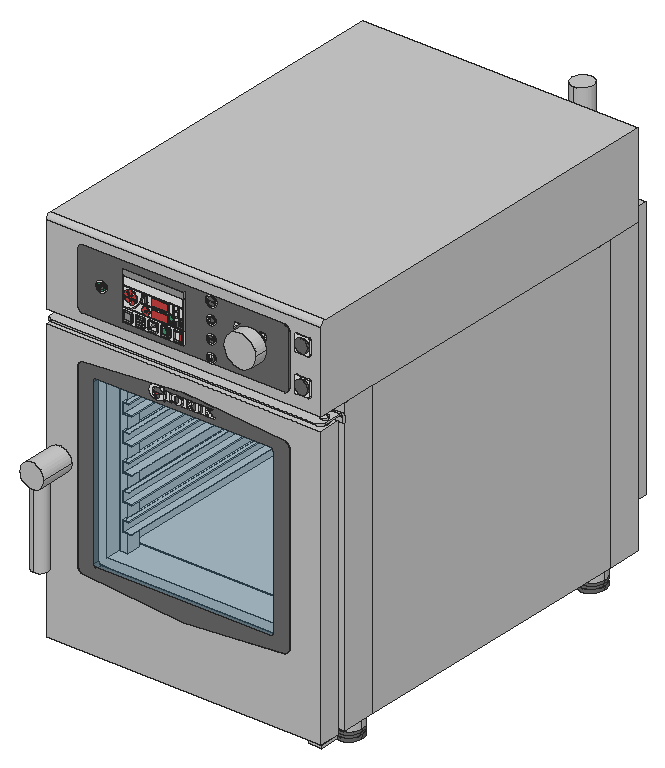
Revit family "QF_GIORIK_KH061_KT061_KP061_KH061W_KT061W_KP061W", category Specialty Equipment, Revit 2014 (continued)
Automatic sketch dimensions
  plane 8 "Front oven" to Extrusion 5 sketch curve = 30 mm  (x2)
  Extrusion 5 sketch curve to Extrusion 5 sketch curve = 1 mm  (x12)
  Extrusion 5 sketch curve to Extrusion 5 sketch curve = 12 mm  (x2)
  Extrusion 5 sketch curve to Extrusion 5 sketch curve = 14 mm  (x2)
  plane 3 "Left" to Extrusion 5 sketch curve = 85 mm  (x2)
  plane 1 "Back" to Extrusion 5 sketch curve = 252 mm  (x2)
  plane 4 "Right" to Extrusion 5 sketch curve = 85 mm  (x2)
  Extrusion 5 sketch curve to Extrusion 5 sketch curve = 24 mm  (x2)
  Extrusion 5 sketch curve to Extrusion 5 sketch curve = 7 mm  (x2)
  Extrusion 5 sketch curve to Extrusion 5 sketch curve = 13.5 mm  (x2)
  Extrusion 5 sketch curve to Extrusion 5 sketch curve = 20.5 mm
  Extrusion 5 sketch curve to Extrusion 5 sketch curve = 21.5 mm
  plane 4 "Right" to Extrusion 6 sketch curve = 85 mm
  Extrusion 6 sketch curve to Extrusion 6 sketch curve = 0 mm  (x10)
  Extrusion 6 sketch curve to Extrusion 6 sketch curve = 1 mm  (x36)
  Extrusion 6 sketch curve to Extrusion 6 sketch curve = 9 mm  (x10)
  Extrusion 6 sketch curve to Extrusion 6 sketch curve = 15 mm  (x8)
  plane 3 "Left" to Extrusion 6 sketch curve = 101 mm
  Extrusion 6 sketch curve to Extrusion 6 sketch curve = 6 mm  (x6)
  plane 7 "Legs height" to Extrusion 6 sketch curve = 175 mm  (x2)
  Extrusion 6 sketch curve to Extrusion 6 sketch curve = 18 mm  (x12)
  Extrusion 6 sketch curve to Extrusion 6 sketch curve = 30 mm  (x10)
  Extrusion 7 sketch curve to plane 5 "Front" = 0 mm  (x2)
  plane 1 "Back" to Extrusion 7 sketch curve = 0 mm
  Extrusion 7 sketch curve to plane 3 "Left" = 0 mm
  Extrusion 7 sketch curve to plane 4 "Right" = 0 mm
  Extrusion 7 sketch curve to Extrusion 7 sketch curve = 100 mm  (x2)
  Extrusion 7 sketch curve to plane 1 "Back" = 100 mm
  Extrusion 8 sketch curve to plane 4 "Right" = 0 mm
  Extrusion 8 sketch curve to plane 5 "Front" = 0 mm
  Extrusion 8 sketch curve to plane 5 "Front" = 8.06 mm
  Extrusion 8 sketch curve to Extrusion 8 sketch curve = 510.94 mm
  plane 4 "Right" to Extrusion 8 sketch curve = 7.063 mm
  plane 4 "Right" to Extrusion 8 sketch curve = 40 mm
  plane 4 "Right" to Extrusion 9 sketch curve = 60 mm
  Extrusion 9 sketch curve to Extrusion 9 sketch curve = 10 mm  (x3)
  Extrusion 9 sketch curve to Extrusion 9 sketch curve = 20 mm  (x3)
  Extrusion 9 sketch curve to Extrusion 9 sketch curve = 6 mm  (x3)
  plane 4 "Right" to Extrusion 9 sketch curve = 259.5 mm  (x2)
  plane 3 "Left" to Extrusion 9 sketch curve = 96 mm  (x2)
  Extrusion 9 sketch curve to level = 619.096 mm
  plane 7 "Legs height" to Extrusion 9 sketch curve = 140.46 mm  (x2)
  Extrusion 9 sketch curve to Extrusion 9 sketch curve = 9.54 mm
  Extrusion 9 sketch curve to plane 6 "Top" = 251 mm
  Extrusion 9 sketch curve to Extrusion 9 sketch curve = 15.54 mm  (x2)
  plane 6 "Top" to Extrusion 9 sketch curve = 579.096 mm
  Extrusion 9 sketch curve to Extrusion 9 sketch curve = 0 mm  (x2)
  plane 1 "Back" to Extrusion 11 sketch curve = 21 mm
  plane 4 "Right" to Extrusion 11 sketch curve = 219 mm
  curve 3 to plane 5 "Front" = 0 mm
  curve 1 to plane 5 "Front" = 0 mm
  curve 3 to plane 4 "Right" = 100 mm
  curve 2 to plane 3 "Left" = 100 mm
  curve 3 to plane 1 "Back" = 100 mm
  plane 3 "Left" to Extrusion 12 sketch curve = 69.5 mm
  plane 4 "Right" to Extrusion 12 sketch curve = 69.5 mm
  plane 7 "Legs height" to Extrusion 12 sketch curve = 134 mm
  Extrusion 12 sketch curve to plane 6 "Top" = 211 mm
  Extrusion 14 sketch curve to Extrusion 14 sketch curve = 0 mm  (x3)
  Extrusion 14 sketch curve to plane 8 "Front oven" = 0 mm
  Extrusion 14 sketch curve to plane 8 "Front oven" = 3 mm
  Extrusion 14 sketch curve to Extrusion 14 sketch curve = 5.5 mm
  Extrusion 14 sketch curve to plane 6 "Top" = 194 mm
  Extrusion 14 sketch curve to Extrusion 14 sketch curve = 10.501 mm
  Extrusion 14 sketch curve to Extrusion 14 sketch curve = 3 mm
  Extrusion 15 sketch curve to plane 5 "Front" = 0 mm
  Extrusion 15 sketch curve to plane 3 "Left" = 0 mm
  plane 4 "Right" to Extrusion 15 sketch curve = 0 mm
  plane 5 "Front" to Extrusion 15 sketch curve = 10 mm  (x2)
  Extrusion 15 sketch curve to plane 8 "Front oven" = 8.5 mm
  Extrusion 16 sketch curve to Extrusion 16 sketch curve = 0 mm  (x7)
  Extrusion 16 sketch curve to plane 6 "Top" = 89.092 mm
  plane 4 "Right" to Extrusion 16 sketch curve = 260.245 mm
  Extrusion 16 sketch curve to Extrusion 16 sketch curve = 2.604 mm  (x6)
  Extrusion 16 sketch curve to Extrusion 16 sketch curve = 1.396 mm  (x5)
  Extrusion 16 sketch curve to Extrusion 16 sketch curve = 1.978 mm
  Extrusion 16 sketch curve to Extrusion 16 sketch curve = 10.872 mm
  Extrusion 16 sketch curve to Extrusion 16 sketch curve = 118.779 mm
  Extrusion 16 sketch curve to Extrusion 16 sketch curve = 0.7 mm  (x2)
  Extrusion 16 sketch curve to Extrusion 16 sketch curve = 0.8 mm  (x2)
  Extrusion 16 sketch curve to Extrusion 16 sketch curve = 2 mm  (x5)
  Extrusion 16 sketch curve to Extrusion 16 sketch curve = 0.685 mm
  Extrusion 16 sketch curve to Extrusion 16 sketch curve = 11.556 mm
  Extrusion 16 sketch curve to Extrusion 16 sketch curve = 5.556 mm
  Extrusion 16 sketch curve to Extrusion 16 sketch curve = 15.513 mm
  Extrusion 16 sketch curve to plane 6 "Top" = 85 mm
  Extrusion 16 sketch curve to Extrusion 16 sketch curve = 4.77 mm
  Extrusion 16 sketch curve to Extrusion 16 sketch curve = 1.555 mm
  Extrusion 16 sketch curve to Extrusion 16 sketch curve = 1.126 mm
  Extrusion 17 sketch curve to Extrusion 17 sketch curve = 0 mm  (x32)
  Extrusion 17 sketch curve to plane 6 "Top" = 120.283 mm
  plane 4 "Right" to Extrusion 17 sketch curve = 261.5 mm
  Extrusion 17 sketch curve to Extrusion 17 sketch curve = 1.5 mm  (x4)
  Extrusion 17 sketch curve to Extrusion 17 sketch curve = 24.398 mm
  Extrusion 17 sketch curve to Extrusion 17 sketch curve = 30 mm
  Extrusion 17 sketch curve to plane 6 "Top" = 93.8 mm
  Extrusion 17 sketch curve to Extrusion 17 sketch curve = 5.542 mm
  Extrusion 17 sketch curve to plane 6 "Top" = 92.86 mm
  Extrusion 17 sketch curve to Extrusion 17 sketch curve = 0.789 mm
  Extrusion 17 sketch curve to plane 6 "Top" = 97.385 mm
  Extrusion 17 sketch curve to Extrusion 17 sketch curve = 2.211 mm
  Extrusion 17 sketch curve to plane 6 "Top" = 98.402 mm
  Extrusion 17 sketch curve to Extrusion 17 sketch curve = 0.686 mm
  Extrusion 17 sketch curve to Extrusion 17 sketch curve = 9.164 mm
  Extrusion 17 sketch curve to plane 6 "Top" = 97.435 mm
  Extrusion 17 sketch curve to plane 6 "Top" = 95.9 mm
  Extrusion 17 sketch curve to plane 6 "Top" = 96.721 mm
  Extrusion 17 sketch curve to Extrusion 17 sketch curve = 1.058 mm
  Extrusion 17 sketch curve to Extrusion 17 sketch curve = 0.007 mm
  Extrusion 17 sketch curve to plane 6 "Top" = 98.932 mm
  Extrusion 17 sketch curve to Extrusion 17 sketch curve = 0.727 mm
  Extrusion 17 sketch curve to plane 6 "Top" = 92.248 mm
  Extrusion 17 sketch curve to Extrusion 17 sketch curve = 4.43 mm
  Extrusion 17 sketch curve to plane 6 "Top" = 87.723 mm
  Extrusion 17 sketch curve to Extrusion 17 sketch curve = 12.64 mm
  Extrusion 17 sketch curve to plane 6 "Top" = 77.074 mm
  Extrusion 17 sketch curve to Extrusion 17 sketch curve = 0.034 mm
  Extrusion 17 sketch curve to plane 6 "Top" = 83.449 mm
  Extrusion 17 sketch curve to Extrusion 17 sketch curve = 1.389 mm
  Extrusion 17 sketch curve to plane 6 "Top" = 91.136 mm
  Extrusion 17 sketch curve to Extrusion 17 sketch curve = 2.313 mm
  Extrusion 17 sketch curve to Extrusion 17 sketch curve = 2.53 mm
  Extrusion 17 sketch curve to plane 6 "Top" = 87.406 mm
  Extrusion 17 sketch curve to Extrusion 17 sketch curve = 2.705 mm
  Extrusion 17 sketch curve to plane 6 "Top" = 76.294 mm
  Extrusion 17 sketch curve to Extrusion 17 sketch curve = 1.138 mm
  Extrusion 17 sketch curve to plane 6 "Top" = 73.82 mm
  Extrusion 17 sketch curve to Extrusion 17 sketch curve = 3.357 mm
  Extrusion 17 sketch curve to plane 6 "Top" = 82.8 mm
  Extrusion 17 sketch curve to Extrusion 17 sketch curve = 6.172 mm
  Extrusion 17 sketch curve to plane 6 "Top" = 84.401 mm
  Extrusion 17 sketch curve to Extrusion 17 sketch curve = 0.566 mm
  Extrusion 17 sketch curve to plane 6 "Top" = 80.522 mm
  Extrusion 17 sketch curve to Extrusion 17 sketch curve = 0.676 mm
  Extrusion 17 sketch curve to plane 6 "Top" = 91.817 mm
  Extrusion 17 sketch curve to Extrusion 17 sketch curve = 6.481 mm
  Extrusion 17 sketch curve to Extrusion 17 sketch curve = 1.773 mm
  Extrusion 17 sketch curve to plane 6 "Top" = 79.489 mm
  Extrusion 17 sketch curve to Extrusion 17 sketch curve = 1.347 mm
  Extrusion 17 sketch curve to plane 6 "Top" = 85.747 mm
  Extrusion 17 sketch curve to Extrusion 17 sketch curve = 1.957 mm
  Extrusion 17 sketch curve to Extrusion 17 sketch curve = 0.572 mm
  Extrusion 17 sketch curve to Extrusion 17 sketch curve = 0.366 mm
  Extrusion 17 sketch curve to plane 6 "Top" = 85.703 mm
  Extrusion 17 sketch curve to Extrusion 17 sketch curve = 1.697 mm
  Extrusion 17 sketch curve to plane 6 "Top" = 79.428 mm
  Extrusion 17 sketch curve to Extrusion 17 sketch curve = 1.163 mm
  Extrusion 17 sketch curve to Extrusion 17 sketch curve = 1.291 mm
  Extrusion 17 sketch curve to plane 6 "Top" = 94.459 mm
  Extrusion 17 sketch curve to Extrusion 17 sketch curve = 3.636 mm
  Extrusion 17 sketch curve to plane 6 "Top" = 70.562 mm
  Extrusion 17 sketch curve to Extrusion 17 sketch curve = 5.644 mm
  Extrusion 17 sketch curve to plane 6 "Top" = 91.788 mm
  Extrusion 17 sketch curve to Extrusion 17 sketch curve = 0.534 mm
  Extrusion 17 sketch curve to plane 6 "Top" = 80.39 mm
  Extrusion 17 sketch curve to Extrusion 17 sketch curve = 1.399 mm
  Extrusion 17 sketch curve to plane 6 "Top" = 84.258 mm
  Extrusion 17 sketch curve to plane 6 "Top" = 82.63 mm
  Extrusion 17 sketch curve to plane 6 "Top" = 73.81 mm
  Extrusion 17 sketch curve to Extrusion 17 sketch curve = 1.875 mm
  Extrusion 17 sketch curve to plane 6 "Top" = 93.314 mm
  Extrusion 17 sketch curve to Extrusion 17 sketch curve = 3.426 mm
  Extrusion 17 sketch curve to plane 6 "Top" = 71.963 mm
  Extrusion 17 sketch curve to Extrusion 17 sketch curve = 2.001 mm
  Extrusion 17 sketch curve to plane 6 "Top" = 76.238 mm
  Extrusion 17 sketch curve to Extrusion 17 sketch curve = 3.39 mm
  Extrusion 17 sketch curve to plane 6 "Top" = 87.36 mm
  Extrusion 17 sketch curve to Extrusion 17 sketch curve = 5.374 mm
  Extrusion 17 sketch curve to plane 6 "Top" = 83.385 mm
  Extrusion 17 sketch curve to Extrusion 17 sketch curve = 1.262 mm
  Extrusion 17 sketch curve to plane 6 "Top" = 84.718 mm
  Extrusion 17 sketch curve to Extrusion 17 sketch curve = 2.375 mm
  Extrusion 17 sketch curve to plane 6 "Top" = 80.599 mm
  Extrusion 17 sketch curve to Extrusion 17 sketch curve = 2.509 mm
  Extrusion 17 sketch curve to Extrusion 17 sketch curve = 2.12 mm  (x2)
  Extrusion 17 sketch curve to Extrusion 17 sketch curve = 7.859 mm  (x2)
  Extrusion 17 sketch curve to Extrusion 17 sketch curve = 5.742 mm
  Extrusion 17 sketch curve to Extrusion 17 sketch curve = 0.426 mm
  Extrusion 17 sketch curve to Extrusion 17 sketch curve = 12.559 mm  (x2)
  Extrusion 17 sketch curve to Extrusion 17 sketch curve = 7.441 mm
  Extrusion 17 sketch curve to Extrusion 17 sketch curve = 2.137 mm
  plane 4 "Right" to Extrusion 18 sketch curve = 1 mm
  plane 5 "Front" to Extrusion 18 sketch curve = 3.5 mm
  Extrusion 18 sketch curve to plane 8 "Front oven" = 16.5 mm
  Extrusion 18 sketch curve to plane 8 "Front oven" = 4 mm
  plane 8 "Front oven" to Extrusion 18 sketch curve = 1.5 mm
  plane 8 "Front oven" to Extrusion 18 sketch curve = 56 mm
  Extrusion 18 sketch curve to Extrusion 18 sketch curve = 0 mm
  Extrusion 18 sketch curve to Extrusion 18 sketch curve = 16.248 mm
  plane 4 "Right" to Extrusion 18 sketch curve = 19 mm
  Extrusion 18 sketch curve to Extrusion 18 sketch curve = 25 mm
  Extrusion 18 sketch curve to Extrusion 18 sketch curve = 12 mm
  Extrusion 18 sketch curve to Extrusion 18 sketch curve = 19 mm
  Extrusion 18 sketch curve to Extrusion 18 sketch curve = 10 mm
  plane 4 "Right" to Revolve 19 sketch curve = 11.5 mm
  Revolve 19 sketch curve to Revolve 19 sketch curve = 3.5 mm  (x3)
  Revolve 19 sketch curve to Revolve 19 sketch curve = 6 mm
  Revolve 19 sketch curve to plane 6 "Top" = 185 mm
  Revolve 19 sketch curve to Revolve 19 sketch curve = 4.5 mm  (x2)
  Revolve 19 sketch curve to Revolve 19 sketch curve = 2.5 mm
  Revolve 19 sketch curve to Revolve 19 sketch curve = 3.901 mm
  Revolve 19 sketch curve to Revolve 19 sketch curve = 0 mm  (x3)
  Revolve 20 sketch curve to plane 7 "Legs height" = 0 mm  (x2)
  plane 4 "Right" to Revolve 20 sketch curve = 11.5 mm
  Revolve 20 sketch curve to Revolve 20 sketch curve = 3.5 mm  (x3)
  Revolve 20 sketch curve to Revolve 20 sketch curve = 2.5 mm
  Revolve 20 sketch curve to Revolve 20 sketch curve = 7 mm
  Revolve 20 sketch curve to Revolve 20 sketch curve = 3.901 mm
  Revolve 20 sketch curve to Revolve 20 sketch curve = 0 mm  (x2)
  Extrusion 21 sketch curve to plane 4 "Right" = 25 mm
  Extrusion 21 sketch curve to plane 7 "Legs height" = 310 mm
  plane 5 "Front" to Extrusion 23 sketch curve = 46 mm
  Extrusion 23 sketch curve to plane 4 "Right" = 25 mm
  Extrusion 25 sketch curve to Extrusion 25 sketch curve = 0 mm  (x11)
  Extrusion 25 sketch curve to plane 6 "Top" = 66.895 mm  (x2)
  plane 4 "Right" to Extrusion 25 sketch curve = 103.895 mm
  Extrusion 25 sketch curve to plane 6 "Top" = 55.514 mm  (x2)
  Extrusion 25 sketch curve to Extrusion 25 sketch curve = 1.599 mm  (x2)
  Extrusion 25 sketch curve to Extrusion 25 sketch curve = 9.467 mm  (x2)
  Extrusion 25 sketch curve to Extrusion 25 sketch curve = 26.569 mm
  Extrusion 25 sketch curve to Extrusion 25 sketch curve = 7.071 mm
  Extrusion 25 sketch curve to Extrusion 25 sketch curve = 15.503 mm
  Extrusion 25 sketch curve to Extrusion 25 sketch curve = 37.995 mm
  Extrusion 25 sketch curve to Extrusion 25 sketch curve = 37.895 mm
  Extrusion 25 sketch curve to Extrusion 25 sketch curve = 1.233 mm
  Extrusion 25 sketch curve to Extrusion 25 sketch curve = 4 mm
  Extrusion 25 sketch curve to plane 6 "Top" = 65.195 mm
  Extrusion 25 sketch curve to Extrusion 25 sketch curve = 3.251 mm
  Extrusion 25 sketch curve to Extrusion 25 sketch curve = 6.5 mm  (x2)
  Extrusion 25 sketch curve to Extrusion 25 sketch curve = 1 mm  (x7)
  Extrusion 25 sketch curve to Extrusion 25 sketch curve = 0.516 mm
  Extrusion 25 sketch curve to Extrusion 25 sketch curve = 5 mm  (x2)
  Extrusion 25 sketch curve to Extrusion 25 sketch curve = 2.807 mm
  Extrusion 25 sketch curve to plane 6 "Top" = 63.441 mm
  Extrusion 25 sketch curve to Extrusion 25 sketch curve = 0.953 mm
  Extrusion 25 sketch curve to Extrusion 25 sketch curve = 44.5 mm
  Extrusion 25 sketch curve to plane 6 "Top" = 40 mm
  Extrusion 25 sketch curve to Extrusion 25 sketch curve = 116 mm
  Extrusion 25 sketch curve to Extrusion 25 sketch curve = 40 mm
  Extrusion 25 sketch curve to Extrusion 25 sketch curve = 34.378 mm
  Extrusion 25 sketch curve to Extrusion 25 sketch curve = 1.427 mm
  Extrusion 25 sketch curve to Extrusion 25 sketch curve = 2.881 mm
  Extrusion 25 sketch curve to Extrusion 25 sketch curve = 27.547 mm
  Extrusion 25 sketch curve to Extrusion 25 sketch curve = 28.047 mm
  Extrusion 25 sketch curve to Extrusion 25 sketch curve = 2.291 mm
  Extrusion 25 sketch curve to Extrusion 25 sketch curve = 0.209 mm
  Extrusion 25 sketch curve to Extrusion 25 sketch curve = 3 mm
  Extrusion 25 sketch curve to Extrusion 25 sketch curve = 45 mm
  Extrusion 25 sketch curve to Extrusion 25 sketch curve = 8.188 mm
  Extrusion 25 sketch curve to Extrusion 25 sketch curve = 3.805 mm
  Extrusion 25 sketch curve to Extrusion 25 sketch curve = 2.051 mm
  Extrusion 25 sketch curve to Extrusion 25 sketch curve = 1.254 mm
  Extrusion 25 sketch curve to Extrusion 25 sketch curve = 25.941 mm
  Extrusion 25 sketch curve to Extrusion 25 sketch curve = 0.5 mm
  Extrusion 26 sketch curve to Extrusion 26 sketch curve = 0 mm  (x64)
  Extrusion 26 sketch curve to plane 6 "Top" = 105 mm
  plane 4 "Right" to Extrusion 26 sketch curve = 258 mm
  Extrusion 26 sketch curve to Extrusion 26 sketch curve = 1 mm  (x18)
  Extrusion 26 sketch curve to Extrusion 26 sketch curve = 1.5 mm
  Extrusion 26 sketch curve to Extrusion 26 sketch curve = 0.5 mm
  Extrusion 26 sketch curve to Extrusion 26 sketch curve = 2 mm  (x13)
  Extrusion 26 sketch curve to Extrusion 26 sketch curve = 8.26 mm  (x2)
  Extrusion 26 sketch curve to Extrusion 26 sketch curve = 1.62 mm  (x3)
  Extrusion 26 sketch curve to Extrusion 26 sketch curve = 9.5 mm  (x2)
  Extrusion 26 sketch curve to Extrusion 26 sketch curve = 7.957 mm
  Extrusion 26 sketch curve to Extrusion 26 sketch curve = 6 mm  (x4)
  Extrusion 26 sketch curve to Extrusion 26 sketch curve = 1.514 mm
  Extrusion 26 sketch curve to Extrusion 26 sketch curve = 0.717 mm  (x2)
  Extrusion 26 sketch curve to Extrusion 26 sketch curve = 1.202 mm
  Extrusion 26 sketch curve to Extrusion 26 sketch curve = 10.283 mm
  Extrusion 26 sketch curve to Extrusion 26 sketch curve = 10.081 mm
  Extrusion 26 sketch curve to Extrusion 26 sketch curve = 0.961 mm
  Extrusion 26 sketch curve to Extrusion 26 sketch curve = 1.658 mm
  Extrusion 26 sketch curve to Extrusion 26 sketch curve = 2.455 mm
  Extrusion 26 sketch curve to Extrusion 26 sketch curve = 1.267 mm
  Extrusion 26 sketch curve to Extrusion 26 sketch curve = 2.654 mm
  Extrusion 26 sketch curve to plane 6 "Top" = 117.623 mm
  Extrusion 26 sketch curve to Extrusion 26 sketch curve = 2.67 mm
  Extrusion 26 sketch curve to plane 6 "Top" = 116.404 mm
  Extrusion 26 sketch curve to Extrusion 26 sketch curve = 1.218 mm
  Extrusion 26 sketch curve to plane 6 "Top" = 121.754 mm
  Extrusion 26 sketch curve to Extrusion 26 sketch curve = 4.131 mm
  Extrusion 26 sketch curve to Extrusion 26 sketch curve = 0.609 mm  (x2)
  Extrusion 26 sketch curve to plane 6 "Top" = 120.535 mm
  Extrusion 26 sketch curve to Extrusion 26 sketch curve = 1.312 mm
  Extrusion 26 sketch curve to Extrusion 26 sketch curve = 4.225 mm
  Extrusion 26 sketch curve to Extrusion 26 sketch curve = 0.767 mm
  Extrusion 26 sketch curve to Extrusion 26 sketch curve = 1.946 mm  (x2)
  Extrusion 26 sketch curve to Extrusion 26 sketch curve = 3.893 mm
  Extrusion 26 sketch curve to Extrusion 26 sketch curve = 0.573 mm
  Extrusion 26 sketch curve to Extrusion 26 sketch curve = 10.054 mm  (x2)
  Extrusion 26 sketch curve to Extrusion 26 sketch curve = 1.19 mm  (x2)
  Extrusion 26 sketch curve to Extrusion 26 sketch curve = 0.81 mm
  Extrusion 26 sketch curve to Extrusion 26 sketch curve = 3.631 mm
  Extrusion 26 sketch curve to Extrusion 26 sketch curve = 3.68 mm
  Extrusion 26 sketch curve to Extrusion 26 sketch curve = 4.689 mm
  Extrusion 26 sketch curve to Extrusion 26 sketch curve = 7.689 mm
  Extrusion 26 sketch curve to Extrusion 26 sketch curve = 17.403 mm
  Extrusion 26 sketch curve to Extrusion 26 sketch curve = 3.422 mm
  Extrusion 26 sketch curve to Extrusion 26 sketch curve = 2.246 mm
  Extrusion 26 sketch curve to Extrusion 26 sketch curve = 1.597 mm
  Extrusion 26 sketch curve to Extrusion 26 sketch curve = 0.042 mm
  Extrusion 26 sketch curve to Extrusion 26 sketch curve = 2.769 mm  (x2)
  Extrusion 26 sketch curve to Extrusion 26 sketch curve = 1.7 mm
  Extrusion 26 sketch curve to Extrusion 26 sketch curve = 2.12 mm
  Extrusion 26 sketch curve to Extrusion 26 sketch curve = 2.231 mm
  Extrusion 26 sketch curve to Extrusion 26 sketch curve = 1.147 mm
  Extrusion 26 sketch curve to Extrusion 26 sketch curve = 3.002 mm
  Extrusion 26 sketch curve to Extrusion 26 sketch curve = 6.3 mm
  Extrusion 26 sketch curve to Extrusion 26 sketch curve = 1.883 mm
  Extrusion 26 sketch curve to Extrusion 26 sketch curve = 7.859 mm
  Extrusion 26 sketch curve to Extrusion 26 sketch curve = 0.615 mm
  Extrusion 26 sketch curve to Extrusion 26 sketch curve = 4.404 mm
  Extrusion 26 sketch curve to Extrusion 26 sketch curve = 0.424 mm
  Extrusion 26 sketch curve to Extrusion 26 sketch curve = 2.306 mm
  Extrusion 26 sketch curve to Extrusion 26 sketch curve = 7 mm
  Extrusion 26 sketch curve to Extrusion 26 sketch curve = 0.463 mm
  Extrusion 26 sketch curve to Extrusion 26 sketch curve = 5 mm  (x2)
  Extrusion 26 sketch curve to Extrusion 26 sketch curve = 17.245 mm
  Extrusion 26 sketch curve to Extrusion 26 sketch curve = 2.495 mm
  Extrusion 26 sketch curve to Extrusion 26 sketch curve = 5.681 mm  (x3)
  Extrusion 26 sketch curve to Extrusion 26 sketch curve = 1.6 mm
  Extrusion 26 sketch curve to Extrusion 26 sketch curve = 2.544 mm
  Extrusion 26 sketch curve to Extrusion 26 sketch curve = 16.755 mm
  Extrusion 26 sketch curve to Extrusion 26 sketch curve = 10 mm
  plane 4 "Right" to Extrusion 27 sketch curve = 201.553 mm
  Extrusion 27 sketch curve to Extrusion 27 sketch curve = 2.606 mm
  Extrusion 27 sketch curve to Extrusion 27 sketch curve = 3.123 mm
  Extrusion 27 sketch curve to Extrusion 27 sketch curve = 3.991 mm
  Extrusion 27 sketch curve to Extrusion 27 sketch curve = 1.949 mm
  Extrusion 27 sketch curve to Extrusion 27 sketch curve = 1.182 mm
  Extrusion 27 sketch curve to Extrusion 27 sketch curve = 6.627 mm
  Extrusion 27 sketch curve to Extrusion 27 sketch curve = 1.25 mm
  Extrusion 27 sketch curve to Extrusion 27 sketch curve = 2.454 mm
  Extrusion 27 sketch curve to Extrusion 27 sketch curve = 1.353 mm  (x2)
  Extrusion 27 sketch curve to Extrusion 27 sketch curve = 3.69 mm
  Extrusion 27 sketch curve to Extrusion 27 sketch curve = 2.793 mm  (x10)
  Extrusion 27 sketch curve to Extrusion 27 sketch curve = 5.413 mm  (x3)
  Extrusion 27 sketch curve to Extrusion 27 sketch curve = 2 mm  (x2)
  Extrusion 27 sketch curve to Extrusion 27 sketch curve = 2.002 mm
  Extrusion 27 sketch curve to Extrusion 27 sketch curve = 3.133 mm
  Extrusion 27 sketch curve to Extrusion 27 sketch curve = 9.013 mm
  Extrusion 27 sketch curve to Extrusion 27 sketch curve = 4.511 mm
  Extrusion 27 sketch curve to Extrusion 27 sketch curve = 3.34 mm
  Extrusion 27 sketch curve to Extrusion 27 sketch curve = 0.132 mm
  Extrusion 27 sketch curve to Extrusion 27 sketch curve = 3.46 mm
  Extrusion 27 sketch curve to Extrusion 27 sketch curve = 3.675 mm
  Extrusion 27 sketch curve to Extrusion 27 sketch curve = 0 mm  (x18)
  Extrusion 27 sketch curve to Extrusion 27 sketch curve = 5.566 mm
  Extrusion 27 sketch curve to Extrusion 27 sketch curve = 2.285 mm
  Extrusion 27 sketch curve to Extrusion 27 sketch curve = 2.551 mm
  Extrusion 27 sketch curve to Extrusion 27 sketch curve = 5.945 mm
  Extrusion 27 sketch curve to Extrusion 27 sketch curve = 0.022 mm  (x2)
  Extrusion 27 sketch curve to Extrusion 27 sketch curve = 4 mm
  Extrusion 27 sketch curve to Extrusion 27 sketch curve = 5.91 mm  (x2)
  Extrusion 27 sketch curve to Extrusion 27 sketch curve = 1.141 mm
  Extrusion 27 sketch curve to Extrusion 27 sketch curve = 6.081 mm
  Extrusion 27 sketch curve to Extrusion 27 sketch curve = 4.16 mm
  Extrusion 27 sketch curve to Extrusion 27 sketch curve = 2.507 mm
  Extrusion 27 sketch curve to Extrusion 27 sketch curve = 1.366 mm
  Extrusion 27 sketch curve to Extrusion 27 sketch curve = 4.893 mm
  Extrusion 27 sketch curve to Extrusion 27 sketch curve = 6.586 mm
  Extrusion 27 sketch curve to Extrusion 27 sketch curve = 2.154 mm
  Extrusion 27 sketch curve to Extrusion 27 sketch curve = 2.256 mm
  Extrusion 27 sketch curve to Extrusion 27 sketch curve = 0.578 mm
  Extrusion 27 sketch curve to Extrusion 27 sketch curve = 1.392 mm
  Extrusion 27 sketch curve to Extrusion 27 sketch curve = 1.974 mm
  Extrusion 27 sketch curve to Extrusion 27 sketch curve = 1.347 mm
  Extrusion 27 sketch curve to Extrusion 27 sketch curve = 1.469 mm
  Extrusion 27 sketch curve to Extrusion 27 sketch curve = 4.081 mm
  Extrusion 27 sketch curve to plane 6 "Top" = 239.528 mm
  Extrusion 27 sketch curve to Extrusion 27 sketch curve = 2.317 mm
  Extrusion 27 sketch curve to Extrusion 27 sketch curve = 3.242 mm
  Extrusion 27 sketch curve to Extrusion 27 sketch curve = 3.564 mm
  Extrusion 27 sketch curve to Extrusion 27 sketch curve = 0.899 mm
  Extrusion 27 sketch curve to Extrusion 27 sketch curve = 1.294 mm
  Extrusion 27 sketch curve to Extrusion 27 sketch curve = 2.894 mm  (x2)
  Extrusion 27 sketch curve to Extrusion 27 sketch curve = 1 mm
  Extrusion 27 sketch curve to Extrusion 27 sketch curve = 1.461 mm
  Extrusion 27 sketch curve to Extrusion 27 sketch curve = 1.786 mm
  Extrusion 27 sketch curve to Extrusion 27 sketch curve = 1.919 mm
  Extrusion 27 sketch curve to Extrusion 27 sketch curve = 2.046 mm
  Extrusion 27 sketch curve to Extrusion 27 sketch curve = 1.137 mm
  Extrusion 27 sketch curve to Extrusion 27 sketch curve = 2.344 mm  (x8)
  Extrusion 27 sketch curve to Extrusion 27 sketch curve = 3.153 mm
  Extrusion 27 sketch curve to Extrusion 27 sketch curve = 3.783 mm
  Extrusion 27 sketch curve to Extrusion 27 sketch curve = 1.816 mm  (x2)
  Extrusion 27 sketch curve to Extrusion 27 sketch curve = 1.67 mm
  Extrusion 27 sketch curve to Extrusion 27 sketch curve = 3.513 mm
  Extrusion 27 sketch curve to Extrusion 27 sketch curve = 2.539 mm
  Extrusion 27 sketch curve to Extrusion 27 sketch curve = 4.042 mm
  Extrusion 27 sketch curve to Extrusion 27 sketch curve = 0.806 mm
  Extrusion 27 sketch curve to Extrusion 27 sketch curve = 0.873 mm
  Extrusion 27 sketch curve to Extrusion 27 sketch curve = 4.868 mm
  Extrusion 27 sketch curve to Extrusion 27 sketch curve = 2.243 mm
  Extrusion 27 sketch curve to Extrusion 27 sketch curve = 0.326 mm
  Extrusion 27 sketch curve to Extrusion 27 sketch curve = 2.593 mm  (x3)
  Extrusion 27 sketch curve to Extrusion 27 sketch curve = 1.506 mm
  Extrusion 27 sketch curve to Extrusion 27 sketch curve = 1.887 mm
  Extrusion 27 sketch curve to Extrusion 27 sketch curve = 1.99 mm
  Extrusion 27 sketch curve to Extrusion 27 sketch curve = 2.691 mm
  Extrusion 27 sketch curve to Extrusion 27 sketch curve = 3.345 mm
  Extrusion 27 sketch curve to Extrusion 27 sketch curve = 0.743 mm
  Extrusion 27 sketch curve to Extrusion 27 sketch curve = 3.185 mm
  Extrusion 27 sketch curve to Extrusion 27 sketch curve = 0.206 mm
  Extrusion 27 sketch curve to Extrusion 27 sketch curve = 2.753 mm
  Extrusion 27 sketch curve to Extrusion 27 sketch curve = 4.912 mm  (x2)
  Extrusion 27 sketch curve to Extrusion 27 sketch curve = 2.294 mm
  Extrusion 27 sketch curve to Extrusion 27 sketch curve = 3.131 mm
  Extrusion 27 sketch curve to Extrusion 27 sketch curve = 0.143 mm
  Extrusion 27 sketch curve to Extrusion 27 sketch curve = 1.861 mm
  Extrusion 27 sketch curve to Extrusion 27 sketch curve = 0.168 mm
  Extrusion 27 sketch curve to Extrusion 27 sketch curve = 2.712 mm
  Extrusion 27 sketch curve to Extrusion 27 sketch curve = 2.054 mm
  Extrusion 27 sketch curve to Extrusion 27 sketch curve = 1.787 mm
  plane 3 "Left" to Extrusion 28 sketch curve = 214.848 mm
  Extrusion 28 sketch curve to Extrusion 28 sketch curve = 6 mm  (x2)
  Extrusion 28 sketch curve to plane 6 "Top" = 232.105 mm
  Extrusion 28 sketch curve to Extrusion 28 sketch curve = 5 mm
  plane 4 "Right" to Extrusion 31 sketch curve = 50 mm
  plane 1 "Back" to Extrusion 31 sketch curve = 102 mm
  plane 4 "Right" to Extrusion 32 sketch curve = 50 mm
  plane 1 "Back" to Extrusion 32 sketch curve = 102 mm
  plane 4 "Right" to Extrusion 35 sketch curve = 50 mm
  plane 8 "Front oven" to Extrusion 35 sketch curve = 73 mm
  plane 4 "Right" to Extrusion 36 sketch curve = 50 mm
  plane 8 "Front oven" to Extrusion 36 sketch curve = 73 mm
  plane 4 "Right" to Extrusion 38 sketch curve = 50 mm
  plane 1 "Back" to Extrusion 38 sketch curve = 102 mm
  plane 4 "Right" to Extrusion 40 sketch curve = 50 mm
  plane 8 "Front oven" to Extrusion 40 sketch curve = 73 mm
  plane 4 "Right" to Extrusion 42 sketch curve = 50 mm
  plane 1 "Back" to Extrusion 42 sketch curve = 102 mm
  plane 4 "Right" to Extrusion 44 sketch curve = 50 mm
  plane 8 "Front oven" to Extrusion 44 sketch curve = 73 mm
  Extrusion 45 sketch curve to plane 3 "Left" = 0 mm
  plane 4 "Right" to Extrusion 45 sketch curve = 0 mm
  Extrusion 45 sketch curve to plane 7 "Legs height" = 0 mm
  Extrusion 45 sketch curve to plane 6 "Top" = 160 mm
  plane 4 "Right" to Extrusion 46 sketch curve = 60 mm
  Extrusion 46 sketch curve to Extrusion 46 sketch curve = 10 mm  (x3)
  plane 3 "Left" to Extrusion 46 sketch curve = 259.5 mm  (x2)
  plane 3 "Left" to Extrusion 46 sketch curve = 70 mm  (x2)
  Extrusion 46 sketch curve to level = 1741.516 mm
  Extrusion 46 sketch curve to plane 6 "Top" = 132.754 mm  (x2)
  Extrusion 46 sketch curve to plane 6 "Top" = 37.246 mm  (x2)
  plane 6 "Top" to Extrusion 46 sketch curve = 2341.516 mm
  Extrusion 46 sketch curve to Extrusion 46 sketch curve = 0 mm  (x2)
  plane 3 "Left" to Extrusion 47 sketch curve = 30 mm
  plane 4 "Right" to Extrusion 47 sketch curve = 30 mm
  plane 7 "Legs height" to Extrusion 47 sketch curve = 60 mm
  Extrusion 47 sketch curve to plane 6 "Top" = 160 mm
  Extrusion 48 sketch curve to plane 5 "Front" = 0 mm
  Extrusion 48 sketch curve to plane 6 "Top" = 0 mm
  plane 5 "Front" to Extrusion 48 sketch curve = 10 mm
  plane 5 "Front" to Extrusion 48 sketch curve = 10.1 mm
  plane 1 "Back" to Extrusion 48 sketch curve = 55 mm
  Extrusion 48 sketch curve to plane 6 "Top" = 10 mm
  Extrusion 48 sketch curve to plane 6 "Top" = 160 mm
  plane 3 "Left" to Revolve 49 sketch curve = 11.5 mm
  Revolve 49 sketch curve to Revolve 49 sketch curve = 3.5 mm  (x3)
  Revolve 49 sketch curve to Revolve 49 sketch curve = 6 mm
  Revolve 49 sketch curve to plane 6 "Top" = 169.599 mm
  Revolve 49 sketch curve to Revolve 49 sketch curve = 3.901 mm
  Revolve 49 sketch curve to Revolve 49 sketch curve = 4.5 mm  (x2)
  Revolve 49 sketch curve to Revolve 49 sketch curve = 2.5 mm
  Revolve 49 sketch curve to Revolve 49 sketch curve = 0 mm  (x3)
  plane 8 "Front oven" to Extrusion 50 sketch curve = 23 mm
  plane 8 "Front oven" to Extrusion 50 sketch curve = 36 mm
  Extrusion 50 sketch curve to Extrusion 50 sketch curve = 25 mm
  plane 4 "Right" to Extrusion 50 sketch curve = 27 mm
  Extrusion 50 sketch curve to Extrusion 50 sketch curve = 44 mm
  Extrusion 50 sketch curve to Extrusion 50 sketch curve = 0 mm
  Extrusion 53 sketch curve to plane 6 "Top" = 85 mm
  plane 4 "Right" to Extrusion 53 sketch curve = 134 mm
  plane 3 "Left" to Extrusion 54 sketch curve = 49.25 mm  (x2)
  Extrusion 54 sketch curve to plane 6 "Top" = 137.021 mm
  plane 3 "Left" to Extrusion 54 sketch curve = 58.5 mm
  Extrusion 54 sketch curve to Extrusion 54 sketch curve = 16.021 mm  (x3)
  plane 3 "Left" to Extrusion 54 sketch curve = 21.5 mm
  Extrusion 54 sketch curve to Extrusion 54 sketch curve = 9.25 mm
  Extrusion 54 sketch curve to Extrusion 54 sketch curve = 18.5 mm
  plane 3 "Left" to Extrusion 55 sketch curve = 40 mm
  Extrusion 55 sketch curve to plane 6 "Top" = 121 mm
  plane 3 "Left" to Extrusion 56 sketch curve = 49.25 mm  (x2)
  Extrusion 56 sketch curve to plane 6 "Top" = 137.021 mm
  plane 3 "Left" to Extrusion 56 sketch curve = 58.5 mm
  Extrusion 56 sketch curve to Extrusion 56 sketch curve = 16.021 mm  (x3)
  plane 3 "Left" to Extrusion 56 sketch curve = 21.5 mm
  Extrusion 56 sketch curve to Extrusion 56 sketch curve = 18.5 mm  (x2)
  plane 1 "Back" to Revolve 57 sketch curve = 32 mm
  Revolve 57 sketch curve to plane 6 "Top" = 121 mm
  Revolve 57 sketch curve to Revolve 57 sketch curve = 7 mm
  Revolve 57 sketch curve to Revolve 57 sketch curve = 4 mm
  Revolve 57 sketch curve to Revolve 57 sketch curve = 9 mm
  Revolve 57 sketch curve to Revolve 57 sketch curve = 8 mm
  Revolve 57 sketch curve to Revolve 57 sketch curve = 0 mm  (x3)
  Extrusion 58 sketch curve to Extrusion 58 sketch curve = 0 mm  (x2)
  plane 1 "Back" to Extrusion 58 sketch curve = 43 mm
  Extrusion 58 sketch curve to Extrusion 58 sketch curve = 2 mm
  Extrusion 58 sketch curve to Extrusion 58 sketch curve = 5 mm
  Extrusion 58 sketch curve to Extrusion 58 sketch curve = 3 mm
  Extrusion 58 sketch curve to Extrusion 58 sketch curve = 12 mm
  Extrusion 58 sketch curve to plane 6 "Top" = 150 mm
  Extrusion 58 sketch curve to plane 6 "Top" = 70 mm
  Extrusion 58 sketch curve to Extrusion 58 sketch curve = 7 mm
  plane 1 "Back" to Blend 59 sketch curve = 27 mm  (x2)
  plane 4 "Right" to Blend 59 sketch curve = 127 mm  (x2)
  plane 1 "Back" to Extrusion 60 sketch curve = 27 mm
  plane 4 "Right" to Extrusion 60 sketch curve = 127 mm
  plane 4 "Right" to Extrusion 61 sketch curve = 0 mm
  Extrusion 61 sketch curve to plane 3 "Left" = 0 mm
  Extrusion 61 sketch curve to plane 7 "Legs height" = 0 mm
  plane 4 "Right" to Extrusion 61 sketch curve = 84 mm
  plane 3 "Left" to Extrusion 61 sketch curve = 69.5 mm
  plane 7 "Legs height" to Extrusion 61 sketch curve = 134 mm
  Extrusion 61 sketch curve to plane 6 "Top" = 211 mm
  Extrusion 61 sketch curve to Extrusion 61 sketch curve = 51 mm
  plane 4 "Right" to Extrusion 62 sketch curve = 14.937 mm
  Extrusion 62 sketch curve to Extrusion 62 sketch curve = 15 mm  (x3)
  plane 3 "Left" to Extrusion 62 sketch curve = 29.937 mm
  plane 3 "Left" to Extrusion 62 sketch curve = 14.937 mm
  plane 7 "Legs height" to Extrusion 62 sketch curve = 15 mm
  Extrusion 62 sketch curve to plane 6 "Top" = 215 mm
  plane 4 "Right" to Extrusion 63 sketch curve = 20 mm
  Extrusion 63 sketch curve to Extrusion 63 sketch curve = 3 mm  (x3)
  Extrusion 63 sketch curve to Extrusion 63 sketch curve = 22 mm  (x2)
  Extrusion 63 sketch curve to plane 6 "Top" = 66 mm
  Extrusion 63 sketch curve to Extrusion 63 sketch curve = 26 mm
  plane 4 "Right" to Extrusion 64 sketch curve = 34 mm
  Extrusion 64 sketch curve to plane 6 "Top" = 50 mm
  plane 4 "Right" to Extrusion 65 sketch curve = 20 mm
  Extrusion 65 sketch curve to Extrusion 65 sketch curve = 3 mm  (x3)
  Extrusion 65 sketch curve to Extrusion 65 sketch curve = 22 mm  (x2)
  Extrusion 65 sketch curve to plane 6 "Top" = 136 mm
  Extrusion 65 sketch curve to Extrusion 65 sketch curve = 26 mm
  plane 4 "Right" to Extrusion 66 sketch curve = 34 mm
  Extrusion 66 sketch curve to plane 6 "Top" = 120 mm
  Extrusion 67 sketch curve to Extrusion 67 sketch curve = 0 mm  (x18)
  Extrusion 67 sketch curve to plane 6 "Top" = 78 mm  (x2)
  plane 4 "Right" to Extrusion 67 sketch curve = 191 mm
  Extrusion 67 sketch curve to Extrusion 67 sketch curve = 50 mm  (x2)
  Extrusion 67 sketch curve to Extrusion 67 sketch curve = 10 mm
  Extrusion 67 sketch curve to Extrusion 67 sketch curve = 15 mm  (x2)
  Extrusion 67 sketch curve to Extrusion 67 sketch curve = 45 mm  (x2)
  Extrusion 67 sketch curve to Extrusion 67 sketch curve = 21.5 mm
  Extrusion 67 sketch curve to Extrusion 67 sketch curve = 0.7 mm  (x2)
  Extrusion 67 sketch curve to Extrusion 67 sketch curve = 0.8 mm  (x2)
  Extrusion 67 sketch curve to Extrusion 67 sketch curve = 8 mm
  Extrusion 67 sketch curve to Extrusion 67 sketch curve = 4.77 mm
  Extrusion 67 sketch curve to Extrusion 67 sketch curve = 1.555 mm
  Extrusion 67 sketch curve to Extrusion 67 sketch curve = 1.126 mm
  Extrusion 67 sketch curve to Extrusion 67 sketch curve = 16 mm
  plane 4 "Right" to Extrusion 68 sketch curve = 95 mm
  Extrusion 68 sketch curve to plane 6 "Top" = 85 mm
  Extrusion 69 sketch curve to Extrusion 69 sketch curve = 0 mm  (x39)
  plane 4 "Right" to Extrusion 69 sketch curve = 132.474 mm
  Extrusion 69 sketch curve to Extrusion 69 sketch curve = 0.861 mm  (x2)
  Extrusion 69 sketch curve to Extrusion 69 sketch curve = 3.72 mm
  Extrusion 69 sketch curve to Extrusion 69 sketch curve = 4.665 mm
  Extrusion 69 sketch curve to Extrusion 69 sketch curve = 0.945 mm
  Extrusion 69 sketch curve to Extrusion 69 sketch curve = 0.166 mm
  Extrusion 69 sketch curve to Extrusion 69 sketch curve = 1.111 mm
  Extrusion 69 sketch curve to Extrusion 69 sketch curve = 4.341 mm
  Extrusion 69 sketch curve to Extrusion 69 sketch curve = 0.927 mm
  Extrusion 69 sketch curve to Extrusion 69 sketch curve = 24.824 mm
  Extrusion 69 sketch curve to Extrusion 69 sketch curve = 21.15 mm
  Extrusion 69 sketch curve to Extrusion 69 sketch curve = 1.06 mm  (x2)
  Extrusion 69 sketch curve to Extrusion 69 sketch curve = 0.329 mm
  Extrusion 69 sketch curve to Extrusion 69 sketch curve = 3.251 mm
  Extrusion 69 sketch curve to Extrusion 69 sketch curve = 0.83 mm
  Extrusion 69 sketch curve to Extrusion 69 sketch curve = 3.01 mm
  Extrusion 69 sketch curve to Extrusion 69 sketch curve = 2.807 mm
  Extrusion 69 sketch curve to Extrusion 69 sketch curve = 2.865 mm
  Extrusion 69 sketch curve to Extrusion 69 sketch curve = 2.93 mm
  Extrusion 69 sketch curve to Extrusion 69 sketch curve = 0.475 mm
  Extrusion 69 sketch curve to Extrusion 69 sketch curve = 1 mm  (x3)
  Extrusion 69 sketch curve to Extrusion 69 sketch curve = 21.171 mm
  Extrusion 69 sketch curve to Extrusion 69 sketch curve = 0.928 mm
  Extrusion 69 sketch curve to plane 6 "Top" = 94.8 mm
  Extrusion 69 sketch curve to Extrusion 69 sketch curve = 2.622 mm
  Extrusion 69 sketch curve to Extrusion 69 sketch curve = 3.549 mm
  Extrusion 69 sketch curve to Extrusion 69 sketch curve = 2.35 mm
  Extrusion 69 sketch curve to Extrusion 69 sketch curve = 0.994 mm
  Extrusion 69 sketch curve to plane 6 "Top" = 103.635 mm
  Extrusion 69 sketch curve to Extrusion 69 sketch curve = 2.348 mm  (x2)
  Extrusion 69 sketch curve to Extrusion 69 sketch curve = 3.616 mm
  Extrusion 69 sketch curve to plane 6 "Top" = 97.746 mm
  Extrusion 69 sketch curve to Extrusion 69 sketch curve = 21.707 mm
  Extrusion 69 sketch curve to plane 6 "Top" = 100.633 mm  (x2)
  Extrusion 69 sketch curve to Extrusion 69 sketch curve = 26.962 mm
  Extrusion 69 sketch curve to Extrusion 69 sketch curve = 3.538 mm  (x2)
  Extrusion 69 sketch curve to plane 6 "Top" = 93.929 mm
  Extrusion 69 sketch curve to Extrusion 69 sketch curve = 27.462 mm
  Extrusion 69 sketch curve to Extrusion 69 sketch curve = 25.757 mm
  Extrusion 69 sketch curve to plane 6 "Top" = 96.059 mm
  Extrusion 69 sketch curve to Extrusion 69 sketch curve = 0.736 mm  (x2)
  Extrusion 69 sketch curve to Extrusion 69 sketch curve = 2.241 mm
  Extrusion 69 sketch curve to plane 6 "Top" = 102.143 mm
  Extrusion 69 sketch curve to Extrusion 69 sketch curve = 0.578 mm
  Extrusion 69 sketch curve to plane 6 "Top" = 100.23 mm
  Extrusion 69 sketch curve to Extrusion 69 sketch curve = 1.583 mm
  Extrusion 69 sketch curve to plane 6 "Top" = 101.004 mm
  Extrusion 69 sketch curve to Extrusion 69 sketch curve = 0.918 mm
  Extrusion 69 sketch curve to plane 6 "Top" = 99.622 mm
  Extrusion 69 sketch curve to Extrusion 69 sketch curve = 0.983 mm
  Extrusion 69 sketch curve to Extrusion 69 sketch curve = 1.221 mm
  Extrusion 69 sketch curve to plane 6 "Top" = 101.218 mm
  Extrusion 69 sketch curve to Extrusion 69 sketch curve = 2.829 mm
  Extrusion 69 sketch curve to plane 6 "Top" = 98.349 mm
  Extrusion 69 sketch curve to Extrusion 69 sketch curve = 21.359 mm
  Extrusion 69 sketch curve to Extrusion 69 sketch curve = 1.658 mm  (x2)
  Extrusion 69 sketch curve to Extrusion 69 sketch curve = 2.455 mm
  Extrusion 69 sketch curve to Extrusion 69 sketch curve = 1.267 mm
  Extrusion 69 sketch curve to Extrusion 69 sketch curve = 1.827 mm
  Extrusion 69 sketch curve to Extrusion 69 sketch curve = 2.654 mm
  Extrusion 69 sketch curve to plane 6 "Top" = 100.355 mm
  Extrusion 69 sketch curve to Extrusion 69 sketch curve = 0.843 mm
  Extrusion 69 sketch curve to plane 6 "Top" = 99.136 mm
  Extrusion 69 sketch curve to Extrusion 69 sketch curve = 1.218 mm
  Extrusion 69 sketch curve to Extrusion 69 sketch curve = 4.131 mm
  Extrusion 69 sketch curve to Extrusion 69 sketch curve = 0.609 mm  (x3)
  Extrusion 69 sketch curve to plane 6 "Top" = 103.268 mm
  Extrusion 69 sketch curve to Extrusion 69 sketch curve = 23.107 mm
  Extrusion 69 sketch curve to Extrusion 69 sketch curve = 1.2 mm  (x3)
  Extrusion 69 sketch curve to Extrusion 69 sketch curve = 24.649 mm
  Extrusion 69 sketch curve to Extrusion 69 sketch curve = 0.444 mm  (x2)
  Extrusion 69 sketch curve to Extrusion 69 sketch curve = 2.311 mm
  Extrusion 69 sketch curve to Extrusion 69 sketch curve = 1.282 mm
  Extrusion 69 sketch curve to Extrusion 69 sketch curve = 1.5 mm
  Extrusion 69 sketch curve to Extrusion 69 sketch curve = 0.396 mm
  Extrusion 69 sketch curve to Extrusion 69 sketch curve = 0.421 mm
  Extrusion 69 sketch curve to Extrusion 69 sketch curve = 0.152 mm
  Extrusion 69 sketch curve to Extrusion 69 sketch curve = 0.177 mm
  Extrusion 69 sketch curve to Extrusion 69 sketch curve = 0.136 mm
  Extrusion 69 sketch curve to Extrusion 69 sketch curve = 2.103 mm
  Extrusion 69 sketch curve to Extrusion 69 sketch curve = 0.174 mm
  Extrusion 69 sketch curve to Extrusion 69 sketch curve = 0.195 mm
  Extrusion 69 sketch curve to Extrusion 69 sketch curve = 3.349 mm
  Extrusion 69 sketch curve to Extrusion 69 sketch curve = 1.151 mm
  Extrusion 69 sketch curve to Extrusion 69 sketch curve = 25.114 mm
  Extrusion 69 sketch curve to Extrusion 69 sketch curve = 0.481 mm
  Extrusion 69 sketch curve to Extrusion 69 sketch curve = 0.732 mm
  Extrusion 69 sketch curve to Extrusion 69 sketch curve = 9.238 mm
  Extrusion 69 sketch curve to Extrusion 69 sketch curve = 0.417 mm
  Extrusion 69 sketch curve to Extrusion 69 sketch curve = 1.209 mm
  Extrusion 69 sketch curve to Extrusion 69 sketch curve = 2.003 mm  (x2)
  Extrusion 69 sketch curve to Extrusion 69 sketch curve = 0.7 mm
  Extrusion 69 sketch curve to Extrusion 69 sketch curve = 1.867 mm
  Extrusion 69 sketch curve to Extrusion 69 sketch curve = 0.911 mm
  Extrusion 69 sketch curve to Extrusion 69 sketch curve = 2.193 mm
  Extrusion 69 sketch curve to Extrusion 69 sketch curve = 2.649 mm  (x2)
  Extrusion 69 sketch curve to Extrusion 69 sketch curve = 0.782 mm
  Extrusion 69 sketch curve to Extrusion 69 sketch curve = 4.155 mm
  Extrusion 69 sketch curve to Extrusion 69 sketch curve = 1.13 mm
  Extrusion 69 sketch curve to Extrusion 69 sketch curve = 0.775 mm
  Extrusion 69 sketch curve to Extrusion 69 sketch curve = 1.807 mm  (x2)
  Extrusion 69 sketch curve to Extrusion 69 sketch curve = 4.038 mm
  Extrusion 69 sketch curve to Extrusion 69 sketch curve = 3.289 mm
  Extrusion 69 sketch curve to Extrusion 69 sketch curve = 2.5 mm
  Extrusion 69 sketch curve to Extrusion 69 sketch curve = 3.095 mm
  Extrusion 69 sketch curve to Extrusion 69 sketch curve = 3.749 mm
  Extrusion 69 sketch curve to Extrusion 69 sketch curve = 0.378 mm
  Extrusion 69 sketch curve to Extrusion 69 sketch curve = 0.355 mm
  Extrusion 69 sketch curve to Extrusion 69 sketch curve = 1.356 mm
  Extrusion 69 sketch curve to Extrusion 69 sketch curve = 1.093 mm
  Extrusion 69 sketch curve to Extrusion 69 sketch curve = 0.637 mm
  Extrusion 69 sketch curve to Extrusion 69 sketch curve = 0.792 mm
  Extrusion 69 sketch curve to Extrusion 69 sketch curve = 1.045 mm
  Extrusion 69 sketch curve to Extrusion 69 sketch curve = 1.395 mm
  Extrusion 69 sketch curve to Extrusion 69 sketch curve = 3.002 mm
  Extrusion 69 sketch curve to Extrusion 69 sketch curve = 1.391 mm
  Extrusion 69 sketch curve to Extrusion 69 sketch curve = 1.481 mm
  Extrusion 69 sketch curve to Extrusion 69 sketch curve = 1.254 mm  (x2)
  Extrusion 69 sketch curve to Extrusion 69 sketch curve = 2.845 mm
  Extrusion 69 sketch curve to Extrusion 69 sketch curve = 0.5 mm
  Extrusion 69 sketch curve to Extrusion 69 sketch curve = 4 mm
  Extrusion 69 sketch curve to Extrusion 69 sketch curve = 20.668 mm
  Extrusion 69 sketch curve to Extrusion 69 sketch curve = 21.758 mm
  Extrusion 69 sketch curve to Extrusion 69 sketch curve = 1.304 mm
  Extrusion 69 sketch curve to Extrusion 69 sketch curve = 1.871 mm  (x2)
  Extrusion 69 sketch curve to Extrusion 69 sketch curve = 3.565 mm
  Extrusion 69 sketch curve to Extrusion 69 sketch curve = 0.221 mm
  Extrusion 69 sketch curve to Extrusion 69 sketch curve = 1.253 mm
  Extrusion 69 sketch curve to Extrusion 69 sketch curve = 2.325 mm
  Extrusion 69 sketch curve to Extrusion 69 sketch curve = 2.751 mm
  Extrusion 69 sketch curve to Extrusion 69 sketch curve = 5.074 mm
  Extrusion 69 sketch curve to Extrusion 69 sketch curve = 0.452 mm
  Extrusion 69 sketch curve to plane 6 "Top" = 98.944 mm
  Extrusion 69 sketch curve to Extrusion 69 sketch curve = 1.03 mm
  Extrusion 69 sketch curve to Extrusion 69 sketch curve = 1.031 mm
  Extrusion 69 sketch curve to Extrusion 69 sketch curve = 1.122 mm
  Extrusion 69 sketch curve to Extrusion 69 sketch curve = 2.108 mm
  radius of Extrusion 3 sketch curve = 22.5 mm
  radius of Extrusion 10 sketch curve = 15 mm
  radius of Extrusion 13 sketch curve = 19.05 mm
  radius of Extrusion 29 sketch curve = 25 mm
  radius of Extrusion 30 sketch curve = 25 mm
  radius of Extrusion 33 sketch curve = 25 mm
  radius of Extrusion 34 sketch curve = 25 mm
  radius of Extrusion 37 sketch curve = 23 mm
  radius of Extrusion 39 sketch curve = 23 mm
  radius of Extrusion 41 sketch curve = 25 mm
  radius of Extrusion 43 sketch curve = 25 mm
  radius of Extrusion 52 sketch curve = 6 mm  (x3)
  radius of Extrusion 11 sketch curve = 9.55 mm
  radius of Extrusion 16 sketch curve = 4.5 mm
  radius of Extrusion 16 sketch curve = 4 mm
  radius of Extrusion 17 sketch curve = 7 mm
  radius of Extrusion 17 sketch curve = 2.5 mm
  radius of Extrusion 21 sketch curve = 22.5 mm
  radius of Extrusion 23 sketch curve = 15 mm
  radius of Extrusion 25 sketch curve = 10 mm  (x2)
  radius of Extrusion 25 sketch curve = 8.5 mm  (x5)
  radius of Extrusion 25 sketch curve = 7 mm  (x3)
  radius of Extrusion 31 sketch curve = 25 mm
  radius of Extrusion 32 sketch curve = 25 mm
  radius of Extrusion 35 sketch curve = 25 mm
  radius of Extrusion 36 sketch curve = 25 mm
  radius of Extrusion 38 sketch curve = 23 mm
  radius of Extrusion 40 sketch curve = 23 mm
  radius of Extrusion 42 sketch curve = 25 mm
  radius of Extrusion 44 sketch curve = 25 mm
  radius of Extrusion 50 sketch curve = 6 mm  (x3)
  radius of Extrusion 53 sketch curve = 30 mm
  radius of Extrusion 55 sketch curve = 15 mm
  radius of Blend 59 sketch curve = 25 mm
  radius of Blend 59 sketch curve = 20 mm
  radius of Extrusion 60 sketch curve = 20 mm
  radius of Extrusion 64 sketch curve = 12.5 mm
  radius of Extrusion 66 sketch curve = 12.5 mm
  radius of Extrusion 67 sketch curve = 10 mm
  radius of Extrusion 67 sketch curve = 8.5 mm
  radius of Extrusion 68 sketch curve = 30 mm
  radius of Extrusion 69 sketch curve = 9 mm  (x13)
  radius of Extrusion 69 sketch curve = 5 mm  (x2)
  radius of Extrusion 69 sketch curve = 8 mm  (x13)
Connectors
  piping at (300, -21, 89), diameter 19.05, driven by "Cold Water Size"
    settings: on Extrusion 11, index 1, connector inside diameter 24", connector length 0 mm, flow factor 0, pipe flow 0.0 L/s, pressure drop 0.0 kPa, fitting loss kfactor 0, connector angle 0.00°, fixture units 0, engagement length 0 mm, angle of deflection 0.00°, flow configuration 1, flow direction 1, fitting loss method 0, system type 20, joint type 0, gender type 0, connector reference index -1, connector utility 0, adjustable connector no, is connector primary yes, connector description "Softened water inlet"
  piping at (437, -45, 89), diameter 38.1, driven by "Indirect Waste Size"
    settings: on Extrusion 13, index 2, connector inside diameter 24", connector length 0 mm, flow factor 0, pipe flow 0.0 L/s, pressure drop 0.0 kPa, fitting loss kfactor 0, connector angle 0.00°, fixture units 0, engagement length 0 mm, angle of deflection 0.00°, flow configuration 1, flow direction 2, fitting loss method 0, system type 16, joint type 0, gender type 0, connector reference index -1, connector utility 0, adjustable connector no, is connector primary no, connector description "Drain"
  electrical at (40, -24, 649), driven by "Number of Poles", driven by "Volts", driven by "Apparent Power"
    settings: on Revolve 57, index 5, voltage 400 V, apparent load 0 VA, apparent load phase1 7900 VA, apparent load phase2 0 VA, apparent load phase3 0 VA, power factor 1, load classification "Other", number of poles 3, system type 31, power factor state 1, is connector primary yes, connector utility no, sub classification motor no, connector description "Electrical connection"
Types (7, lengths in mm): name | Watts | Digital control | Touch screen control | Model | Description | Apparent Power
  (no name) | 7900 W | no | yes | "KH061" | "ELECTRIC OVEN 6 GN 1/1 COMBINED CONVECTION/STEAM TOUCH SCREEN CONTROL - HIGH EFFICIENCY BOILER VERSION" | 7900 VA
  KH061 | 7900 W | no | yes | "KH061" | "ELECTRIC OVEN 6 GN 1/1 COMBINED CONVECTION/STEAM TOUCH SCREEN CONTROL - HIGH EFFICIENCY BOILER VERSION" | 7900 VA
  KT061 | 6900 W | no | yes | "KT061" | "ELECTRIC OVEN 6 GN 1/1 COMBINED CONVECTION/STEAM TOUCH SCREEN CONTROL - DIRECT STEAM VERSION" | 6900 VA
  KP061 | 6900 W | yes | no | "KP061" | "ELECTRIC OVEN 6 GN 1/1 COMBINED CONVECTION/STEAM DIGITAL CONTROL - DIRECT STEAM VERSION" | 6900 VA
  KH061W | 7900 W | no | yes | "KH061W" | "ELECTRIC OVEN 6 GN 1/1 COMBINED CONVECTION/STEAM TOUCH SCREEN CONTROL - HIGH EFFICIENCY BOILER VERSION" | 7900 VA
  KT061W | 6900 W | no | yes | "KT061W" | "ELECTRIC OVEN 6 GN 1/1 COMBINED CONVECTION/STEAM TOUCH SCREEN CONTROL - DIRECT STEAM VERSION" | 6900 VA
  KP061W | 6900 W | yes | no | "KP061W" | "ELECTRIC OVEN 6 GN 1/1 COMBINED CONVECTION/STEAM DIGITAL CONTROL - DIRECT STEAM VERSION" | 6900 VA
